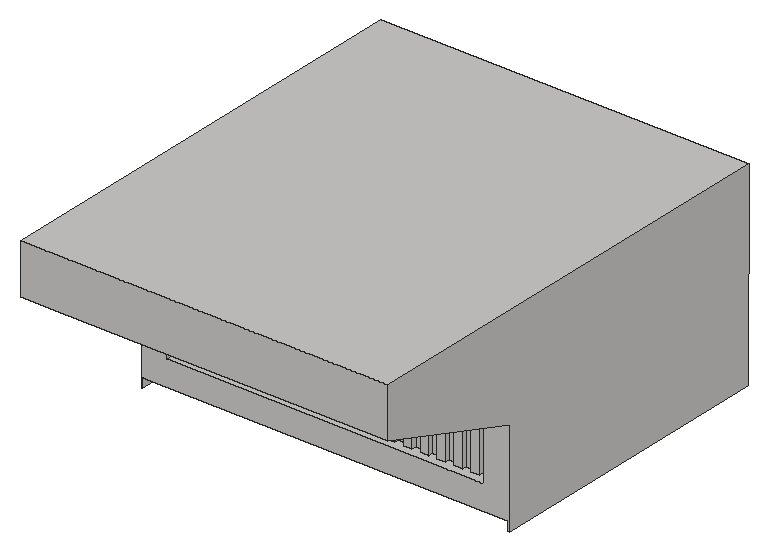
Revit family "QF_ZANUSSI_922720_HOODFA2011", category Specialty Equipment, Revit 2021
Family settings
  Round Connector Dimension = Use Diameter
  Part Type = Normal
  Work Plane-Based = No
  Always vertical = Yes
  Cut with Voids When Loaded = No
  Shared = No
  Room Calculation Point = No
Parameters
  Weight = 70.00 kg
  Watts = 0 W
  Volts = 220 V
  URL Manufacturer = "http://www.zanussiprofessional.com"
  URL = "http://www.zanussiprofessional.com"
  Steam Supply Size = 0 mm
  Steam Supply Minimum Pressure = 0.0 Pa
  Steam Supply Maximum Pressure = 0.0 Pa
  Steam Pounds per Hour = 0
  Show Logo [instance] = yes
  Show Clearance [instance] = yes
  Refrigeration Suction Line Size = 0 mm
  Refrigeration Liquid Line Size = 0 mm
  Refrigerant Compressor Remote = yes
  Manufacturer = "Zanussi"
  Phase = 1
  Model = "HOOV11E"
  Length Actual = 917 mm
  Item Number = "922720"
  Hot Water Size = 0 mm
  Height Actual = 450 mm
  HP = "1.1 HP"
  Gas Size = 0 mm
  Gas KW = 0
  Gas Input Pressure = 0 W
  Direct Waste Size = 0 mm
  Description = "ODOUR REDUCTION HOOD WITH FAN FOR 20 GN 1/1 ELECTRIC OVEN"
  Depth Actual = 1085 mm
  Default Elevation = 0 mm
  Cycle = 50 Hz
  Condensate Return Size = 0 mm
  Compressed Air Volume = 0.0 L/s
  Compressed Air Size = 0 mm
  Compressed Air Pressure = 0.0 Pa
  Cold Water Size = 0 mm
  Accessory = no
Reference planes
  plane 1 "Center X": y = 92.351
  plane 2: z = 0
  plane 3 "Center Y": x = -326.5
  plane 4 "LEFT": x = -760
  plane 5 "BACK": y = 479.851
  plane 6 "RIGHT": x = 107
  plane 7 "FRONT": y = -295.149
  plane 8 "TOP": z = 1728
  plane 9: y = -590.149
  plane 10: x = -764
  plane 11: x = 111
  plane 12: z = 2178
Forms (mm)
  Extrusion 1, solid, material "QF_Clearance", visible <- "Show Clearance", detail levels coarse
    sketch origin (0, 0, 0) x (1, 0, 0) y (0, 1, 0)
      loop
        line (-764, 479.851) -> (111, 479.851) -> (111, 629.851) -> (-764, 629.851) -> (-764, 479.851)
    from 1707 to 2178
  Extrusion 2, solid, material "QF_Clearance", visible <- "Show Clearance", detail levels coarse
    sketch origin (-1150.39, -1524, 2178) x (-1, 0, 0) y (0, -1, 0)
      loop
        line (-386.39, -933.851) -> (-1261.39, -933.851) -> (-1261.39, -2153.851) -> (-386.39, -2153.851) -> (-386.39, -933.851)
    from 450 to 0
  Extrusion 3, solid, material "QF_Finishes_Stainless Steel"
    sketch origin (-764, 902.856, 4000) x (0, 1, 0) y (0, 0, 1)
      loop
        line (-423.005, -2272) -> (-423.005, -1822) -> (-1493.005, -1822) -> (-1493.005, -1942.064) -> (-1133.005, -2066.021) -> (-1133.005, -2272) -> (-423.005, -2272)
    from 60 to 0
  Extrusion 4, solid, material "QF_Finishes_Stainless Steel"
    sketch origin (111, 902.856, 4000) x (0, 1, 0) y (0, 0, 1)
      loop
        line (-423.005, -2272) -> (-423.005, -1822) -> (-1493.005, -1822) -> (-1493.005, -1942.064) -> (-1133.005, -2066.021) -> (-1133.005, -2272) -> (-423.005, -2272)
    from -60 to 0
  Extrusion 5, solid, material "QF_Finishes_Stainless Steel"
    sketch origin (-326.5, 0, 0) x (0, 1, 0) y (0, 0, 1)
      loop
        line (479.851, 1728) -> (479.851, 2178) -> (-590.149, 2178) -> (-590.149, 2057.936) -> (-210.149, 2057.936) -> (-210.149, 1788) -> (-230.149, 1788) -> (-230.149, 1728) -> (479.851, 1728)
    from -377.5 to 377.5
  Extrusion 6, solid, material "QF_Finishes_Stainless Steel"
    sketch origin (0, -295.149, 0) x (-1, 0, 0) y (0, 0, 1)
      loop
        line (764, 1728) -> (760, 1728) -> (760, 1707) -> (764, 1707) -> (764, 1728)
      loop
        line (-107, 1728) -> (-111, 1728) -> (-111, 1707) -> (-107, 1707) -> (-107, 1728)
    from 65 to 775
  Extrusion 7, solid, material "QF_Finishes_Stainless Steel"
    sketch origin (0, 479.851, 0) x (-1, 0, 0) y (0, 0, 1)
      loop
        circle (-86, 2113) r 8
      loop
        circle (326.5, 1746) r 7
    from 0 to 20
  Extrusion 8, void
    sketch origin (0, 0, 0) x (1, 0, 0) y (0, 1, 0)
      loop
        line (-696.5, -200.149) -> (-696.5, -210.149) -> (-676.5, -210.149) -> (-676.5, -200.149) -> (-696.5, -200.149)
      loop
        line (-656.5, -200.149) -> (-656.5, -210.149) -> (-636.5, -210.149) -> (-636.5, -200.149) -> (-656.5, -200.149)
      loop
        line (-616.5, -200.149) -> (-616.5, -210.149) -> (-596.5, -210.149) -> (-596.5, -200.149) -> (-616.5, -200.149)
      loop
        line (-576.5, -200.149) -> (-576.5, -210.149) -> (-556.5, -210.149) -> (-556.5, -200.149) -> (-576.5, -200.149)
      loop
        line (-536.5, -200.149) -> (-536.5, -210.149) -> (-516.5, -210.149) -> (-516.5, -200.149) -> (-536.5, -200.149)
      loop
        line (-496.5, -200.149) -> (-496.5, -210.149) -> (-476.5, -210.149) -> (-476.5, -200.149) -> (-496.5, -200.149)
      loop
        line (-456.5, -200.149) -> (-456.5, -210.149) -> (-436.5, -210.149) -> (-436.5, -200.149) -> (-456.5, -200.149)
      loop
        line (-416.5, -200.149) -> (-416.5, -210.149) -> (-396.5, -210.149) -> (-396.5, -200.149) -> (-416.5, -200.149)
      loop
        line (-376.5, -200.149) -> (-376.5, -210.149) -> (-356.5, -210.149) -> (-356.5, -200.149) -> (-376.5, -200.149)
      loop
        line (-336.5, -200.149) -> (-336.5, -210.149) -> (-316.5, -210.149) -> (-316.5, -200.149) -> (-336.5, -200.149)
      loop
        line (-296.5, -200.149) -> (-296.5, -210.149) -> (-276.5, -210.149) -> (-276.5, -200.149) -> (-296.5, -200.149)
      loop
        line (-256.5, -200.149) -> (-256.5, -210.149) -> (-236.5, -210.149) -> (-236.5, -200.149) -> (-256.5, -200.149)
      loop
        line (-216.5, -200.149) -> (-216.5, -210.149) -> (-196.5, -210.149) -> (-196.5, -200.149) -> (-216.5, -200.149)
      loop
        line (-176.5, -200.149) -> (-176.5, -210.149) -> (-156.5, -210.149) -> (-156.5, -200.149) -> (-176.5, -200.149)
      loop
        line (-136.5, -200.149) -> (-136.5, -210.149) -> (-116.5, -210.149) -> (-116.5, -200.149) -> (-136.5, -200.149)
      loop
        line (-96.5, -200.149) -> (-96.5, -210.149) -> (-76.5, -210.149) -> (-76.5, -200.149) -> (-96.5, -200.149)
      loop
        line (-56.5, -200.149) -> (-56.5, -210.149) -> (-36.5, -210.149) -> (-36.5, -200.149) -> (-56.5, -200.149)
      loop
        line (-16.5, -200.149) -> (-16.5, -210.149) -> (3.5, -210.149) -> (3.5, -200.149) -> (-16.5, -200.149)
      loop
        line (23.5, -200.149) -> (23.5, -210.149) -> (43.5, -210.149) -> (43.5, -200.149) -> (23.5, -200.149)
    from 1788 to 2057.936
Cuts and joins
  joined: Extrusion 1, Extrusion 2
  Extrusion 8 cuts Extrusion 3
  Extrusion 8 cuts Extrusion 4
  Extrusion 8 cuts Extrusion 5
  Extrusion 8 cuts Extrusion 6
  Extrusion 8 cuts Extrusion 7
  joined: Extrusion 3, Extrusion 4, Extrusion 5, Extrusion 6, Extrusion 7
Lines and regions (mm)
  symbolic lines, style "QF_Clearances", visible <- "Show Clearance"
    curve 1: line (111, 629.851, 0) -> (-764, 629.851, 0)
  symbolic lines, style "Linee tratto punto"
    curve 2: line (-764, 479.851, 0) -> (111, 479.851, 0)
    curve 3: line (-764, -590.149, 0) -> (-764, 479.851, 0)
    curve 4: line (111, -590.149, 0) -> (-764, -590.149, 0)
    curve 5: line (111, 479.851, 0) -> (111, -590.149, 0)
    curve 16: line (-764, -590.149, 0) -> (111, 479.851, 0)
    curve 17: line (-764, 479.851, 0) -> (111, -590.149, 0)
  symbolic lines
    curve 6: line (-333.5, 499.851, 0) -> (-319.5, 499.851, 0)
    curve 7: line (-319.5, 499.851, 0) -> (-319.5, 479.851, 0)
    curve 8: line (-333.5, 499.851, 0) -> (-333.5, 479.851, 0)
    curve 9: line (94, 499.851, 0) -> (94, 479.851, 0)
    curve 10: line (94, 499.851, 0) -> (78, 499.851, 0)
    curve 11: line (78, 499.851, 0) -> (78, 479.851, 0)
  symbolic lines, style "SpecialityEquipmentHiddenLines"
    curve 12: line (-334, 338.851, 0) -> (-34, 338.851, 0)
    curve 13: line (-334, 38.851, 0) -> (-334, 338.851, 0)
    curve 14: line (-34, 38.851, 0) -> (-334, 38.851, 0)
    curve 15: line (-34, 338.851, 0) -> (-34, 38.851, 0)
Dimensions and locks
  equal spacing: plane 4 "LEFT", plane 3 "Center Y", plane 6 "RIGHT"
  plane 10 to plane 11 = 875 mm
  plane 5 "BACK" to plane 9 = 1070 mm
  equal spacing: plane 5 "BACK", plane 1 "Center X", plane 7 "FRONT"
  locked: plane 10 to plane 4 "LEFT" at 4
  locked: plane 6 "RIGHT" to plane 11 at 4
  cut or joined group of Extrusion 3, Extrusion 4, Extrusion 5, Extrusion 6, Extrusion 7, Extrusion 8 to Extrusion 7 sketch curve = 39 mm
  Extrusion 7 sketch curve to plane 12 = 65 mm
  plane 11 to Extrusion 7 sketch curve = 25 mm
  aligned and locked: level to plane 2
Automatic sketch dimensions
  Extrusion 1 sketch curve to plane 10 = 0 mm
  Extrusion 1 sketch curve to plane 11 = 0 mm
  Extrusion 1 sketch curve to plane 5 "BACK" = 0 mm
  plane 5 "BACK" to Extrusion 1 sketch curve = 150 mm
  Extrusion 2 sketch curve to plane 9 = 0 mm
  Extrusion 2 sketch curve to plane 11 = 0 mm
  Extrusion 2 sketch curve to plane 10 = 0 mm
  plane 5 "BACK" to Extrusion 2 sketch curve = 150 mm
  Extrusion 5 sketch curve to plane 9 = 0 mm
  Extrusion 5 sketch curve to plane 8 "TOP" = 0 mm
  Extrusion 5 sketch curve to plane 5 "BACK" = 0 mm
  Extrusion 5 sketch curve to plane 12 = 0 mm
  plane 7 "FRONT" to Extrusion 5 sketch curve = 65 mm
  plane 7 "FRONT" to Extrusion 5 sketch curve = 85 mm
  plane 8 "TOP" to Extrusion 5 sketch curve = 60 mm
  Extrusion 5 sketch curve to plane 12 = 120.064 mm
  Extrusion 6 sketch curve to plane 8 "TOP" = 0 mm  (x2)
  Extrusion 6 sketch curve to plane 11 = 0 mm
  Extrusion 6 sketch curve to plane 6 "RIGHT" = 0 mm
  Extrusion 6 sketch curve to plane 4 "LEFT" = 0 mm
  Extrusion 6 sketch curve to plane 10 = 0 mm
  Extrusion 6 sketch curve to plane 8 "TOP" = 21 mm
  Extrusion 6 sketch curve to Extrusion 6 sketch curve = 21 mm
  Extrusion 7 sketch curve to plane 3 "Center Y" = 0 mm
  curve 1 to plane 10 = 0 mm
  curve 4 to plane 10 = 0 mm
  curve 1 to plane 11 = 0 mm
  curve 16 to plane 5 "BACK" = 0 mm
  curve 16 to plane 11 = 0 mm
  curve 5 to plane 9 = 0 mm
  curve 8 to plane 3 "Center Y" = 7 mm
  plane 3 "Center Y" to curve 6 = 7 mm
  curve 12 to plane 3 "Center Y" = 7.5 mm
  curve 15 to plane 6 "RIGHT" = 141 mm
  curve 11 to plane 6 "RIGHT" = 29 mm
  curve 9 to plane 6 "RIGHT" = 13 mm
  plane 1 "Center X" to curve 14 = 53.5 mm
  curve 12 to plane 5 "BACK" = 141 mm
  curve 9 to curve 10 = 20 mm
  plane 5 "BACK" to curve 8 = 20 mm
  curve 9 to curve 1 = 130 mm
  Extrusion 4 sketch curve to plane 9 = 0 mm
  Extrusion 4 sketch curve to plane 8 "TOP" = 0 mm
  Extrusion 4 sketch curve to plane 5 "BACK" = 0 mm
  Extrusion 4 sketch curve to plane 12 = 0 mm
  plane 7 "FRONT" to Extrusion 4 sketch curve = 65 mm
  plane 8 "TOP" to Extrusion 4 sketch curve = 205.979 mm
  Extrusion 4 sketch curve to Extrusion 4 sketch curve = 120.064 mm
  Extrusion 3 sketch curve to plane 9 = 0 mm
  Extrusion 3 sketch curve to plane 8 "TOP" = 0 mm
  Extrusion 3 sketch curve to plane 5 "BACK" = 0 mm
  Extrusion 3 sketch curve to plane 12 = 0 mm
  plane 7 "FRONT" to Extrusion 3 sketch curve = 65 mm
  plane 8 "TOP" to Extrusion 3 sketch curve = 205.979 mm
  Extrusion 3 sketch curve to Extrusion 3 sketch curve = 120.064 mm
  plane 4 "LEFT" to Extrusion 8 sketch curve = 63.5 mm
  Extrusion 8 sketch curve to Extrusion 8 sketch curve = 20 mm  (x35)
  Extrusion 8 sketch curve to plane 3 "Center Y" = 30 mm
  Extrusion 8 sketch curve to plane 3 "Center Y" = 10 mm
  plane 7 "FRONT" to Extrusion 8 sketch curve = 85 mm  (x2)
  Extrusion 8 sketch curve to Extrusion 8 sketch curve = 0 mm  (x17)
  Extrusion 8 sketch curve to Extrusion 8 sketch curve = 10 mm  (x19)
  radius of Extrusion 7 sketch curve = 8 mm
  radius of Extrusion 7 sketch curve = 7 mm
Connectors
  electrical at (86, 499.851, 2113)
    settings: on cut or joined group of Extrusion 3, Extrusion 4, Extrusion 5, Extrusion 6, Extrusion 7, Extrusion 8, index 1, voltage 0 V, apparent load 0 VA, apparent load phase1 0 VA, apparent load phase2 0 VA, apparent load phase3 0 VA, power factor 1, load classification "Altro", number of poles 1, system type 30, power factor state 1, is connector primary yes, connector utility no, sub classification motor no, connector description "Electrical Connection"
  piping at (-326.5, 499.851, 1746), diameter 14
    settings: on cut or joined group of Extrusion 3, Extrusion 4, Extrusion 5, Extrusion 6, Extrusion 7, Extrusion 8, index 2, connector inside diameter 609.6 mm, connector length 0 mm, flow factor 0, pipe flow 0.0 L/s, pressure drop 0.0 Pa, fitting loss kfactor 0, connector angle 0.00°, fixture units 0, engagement length 0 mm, angle of deflection 0.00°, flow configuration 1, flow direction 2, fitting loss method 0, system type 16, joint type 0, gender type 0, connector reference index -1, connector utility 0, adjustable connector no, is connector primary yes, connector description "Drain"
